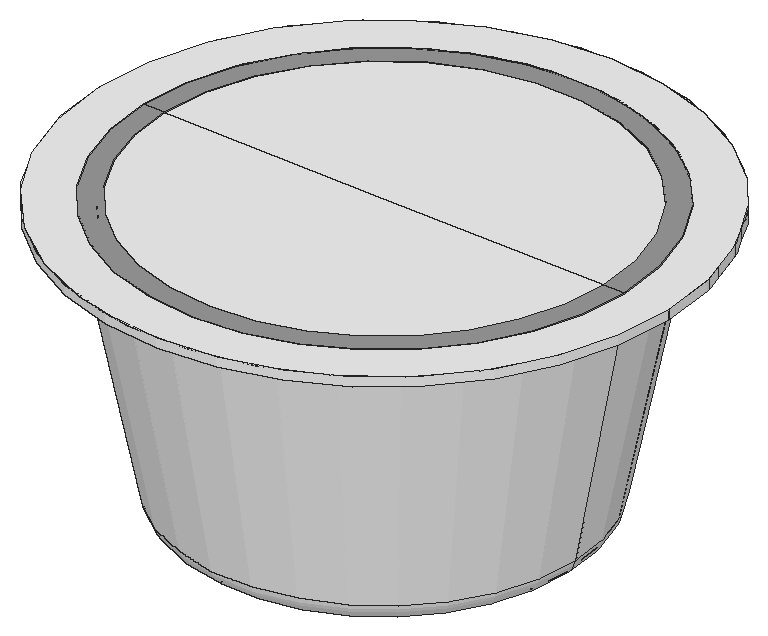
Revit family "2060703", category Lighting Fixtures, host Face, Revit 2018
Family settings
  Host = Face
  Round Connector Dimension = Use Diameter
  Part Type = Normal
  OmniClass Number = 23.80.70.11.17
  OmniClass Title = Specialized Lighting by Location or Use
  Cut with Voids When Loaded = No
  Light Source = Yes
  Shared = No
  Room Calculation Point = No
Parameters (values of type "2060703 ASC100 II ARCH 2550 3K IP65 DALI EMG 160")
  WidthBezelAcc_SYL = 25.0 mm
  Weight = "n/a"
  Wattage = 7 W
  WarrantyStartDate [instance] = "n/a"
  WarrantyGuarantorParts = "n/a"
  WarrantyDurationUnit = "n/a"
  WarrantyDurationParts = ""
  WarrantyDescription = "http://www.sylvania-lighting.com"
  built-in parameter 1150110 = 1 (stored number, unit not read)
  Voltage = 0 V
  VisibilityAccessory_SYL = no
  TypeName = "ASCENT 100 II ARCH 2550 3K IP65 DALI EMG 160"
  built-in parameter 1114217 = 1 (stored number, unit not read)
  Tilt Angle = -90°
  built-in parameter 1150109 = 1 (stored number, unit not read)
  built-in parameter 1150134 = (empty or 0)
  built-in parameter 1150113 = 1 (stored number, unit not read)
  SerialNumber [instance] = "n/a"
  ReflectorRadius_SYL = Radius_SYL - 14.5 mm  # 80.0 mm
  RadiusAcc_SYL = 104.5 mm
  Radius_SYL = 94.5 mm
  URL = "0.95"
  PowerFactor = 0
  PowerConsumption = "Lighting"
  Photometric Web File = "2060703.ies"
  NominalWidth = 0.0 mm
  NominalLength = 209.0 mm
  NominalHeight = 94.0 mm
  Name = "ASCENT 100 II ARCH 2550 3K IP65 DALI EMG 160"
  ModelReference = "ASCENT 100 II ARCH 2550 3K IP65 DALI EMG 160"
  ModelNumber = "2060703"
  Material_4_SYL = none
  Material_3_SYL = Polycarbonate_Sylvania_Ascent_Opal
  Material_2_SYL = Aluminium_Sylvania_Ascent_Silver
  Material_1_SYL = Aluminum_Sylvania_Ascent_White
  Material = "Feilo Sylvania"
  ManufacturerName = "111 lm/W"
  LuminousEfficacy = ""
  built-in parameter 1150105 = 76.872 (stored number, unit not read)
  Lumens = 966 lm
  LuminaireType = "0"
  built-in parameter 1150115 = 1 (stored number, unit not read)
  LightOutputRatio = "LED"
  built-in parameter 1150137 = (empty or 0)
  built-in parameter 1150139 = (empty or 0)
  LampsType = Lamp  # "n/a"
  LampNominalLuminous = "3000 K"
  LampMacAdamStep = "80"
  LampColourTemperature = "LED"
  LampColourRenderingIndex = "16500"
  built-in parameter 1150112 = 1 (stored number, unit not read)
  built-in parameter 1150114 = 1 (stored number, unit not read)
  Keynote = "n/a"
  InstallationDate [instance] = "n/a"
  InputVoltage = "0"
  InputNominalFrequency = "3000"
  built-in parameter 1150132 = (empty or 0)
  built-in parameter 1150102 = (empty or 0)
  built-in parameter 1150107 = 3000 (stored number, unit not read)
  built-in parameter 1150138 = (empty or 0)
  IngressProtection = "IfcLightFixtureType"
  ImpactProtectionIndex = "IfcLightFixtureType"
  built-in parameter 1150106 = 0.76872 (stored number, unit not read)
  IfcExportType = "IfcLightFixtureType"
  IfcExportAs = "Class II"
  HeightAcc_SYL = 7.0 mm
  Height = 96.0 mm
  ExpectedLife = 50000
  EmittionSurface_SYL = if(VisibilityAccessory_SYL, 7.0 mm, 3.0 mm)  # 3.0 mm
  Emit from Circle Diameter = DiffuserRadius_SYL * 2  # 146.0 mm
  Emit Shape Visible in Rendering = no
  ElectricShockClassification = "111"
  built-in parameter 1150104 = 12.821 (stored number, unit not read)
  DurationUnit = "hours"
  DocumentationLiterature = "http://www.sylvania-lighting.com/product/en-int/products/2060703"
  DimmingControlOptions = "n/a"
  Dimming Lamp Color Temperature Shift = <None>
  DiffuserRadius_SYL = ReflectorRadius_SYL - 7.0 mm  # 73.0 mm
  Diameter_SYL = 2 * Radius_SYL  # 189.0 mm
  CutoutDiameter_SYL = Diameter_SYL - 13.0 mm  # 176.0 mm
  CreatedOn = "08/06/2021"
  CreatedBy = "@sylvania-lighting.com"
  Color Filter = 16777215
  built-in parameter 1114216 [instance] = 1 (stored number, unit not read)
  Model = "ASCENT 100 II ARCH 2550 3K IP65 DALI EMG 160"
  Manufacturer = ""
  Lamp = "n/a"
  Description = "Direct LED retro fit for original LED 100 Arch (160) single CFL lamp offering Matching lumen levels and improved light distribution of original LED 100 CFL lamp equivalents Typically half the power consumption compared to CFL Up to 112lm/W 160mm aperture Architectural reflector accepts range of glass accessories from existing LED 100 Arch 160 offering HE, HO and VHO versions equivalent of single 1 x 18W, 1 x 32W, 1 x 42W\r\n Additional VVHO versions which offer the performance circa 2 x 32W equivalent"  # constant formula
  Default Elevation = 0.0 mm
  built-in parameter 1140040 [instance] = 1
  BarCode [instance] = "n/a"
  built-in parameter 1114218 = 1 (stored number, unit not read)
  built-in parameter 1150133 = 10 (stored number, unit not read)
  AssetType = "Fixed"
  AssetIdentifier [instance] = "n/a"
  Assembly Code = "D5020200"
  Apparent Load = 23 VA
  Aperture_SYL = 2 * ReflectorRadius_SYL  # 160.0 mm
Reference planes
  plane 1 "Center (Front/Back)": y = 0
  plane 2: z = 0
  plane 3 "Center (Left/Right)": x = 0
  plane 4 "Fixture Bottom": z = 3
  plane 5: z = -52.5
  plane 6 "Fixture Top": z = -89
  plane 7: x = -104.5
  plane 8: z = 7
  plane 9: x = -79.5
  plane 10: z = 5
  plane 11: x = -102.5
Forms (mm)
  Extrusion 1, solid, material "Aluminum_Sylvania_Ascent_White", detail levels fine
    sketch origin (0, 0, 0) x (1, 0, 0) y (0, 1, 0)
      loop
        circle (0, 0) r 94.5
      loop
        circle (0, 0) r 80
    from 0 to 3
  Extrusion 2, void
    sketch origin (0, 0, 0) x (1, 0, 0) y (0, 1, 0)
      loop
        circle (0, 0) r 88
    from -89 to 3
  Revolve 3, solid, material "Aluminum_Sylvania_Ascent_White" <- "Material_1_SYL", detail levels fine
    sketch origin (0, 0, 0) x (1, 0, 0) y (0, 0, 1)
      loop
        line (0, -89.073) -> (0, -87.023) -> (-55.468, -87.014)
        arc (-55.468, -87.014) -> (-59.352, -85.613) -> (-61.54, -82.139) r 6.307
        line (-61.54, -82.139) -> (-77.991, -2.838) -> (-77.991, 0) -> (-80, 0) -> (-80, -3) -> (-63.5, -82.536)
        arc (-63.5, -82.536) -> (-60.643, -87.203) -> (-55.5, -89.073) r 8.291
        line (-55.5, -89.073) -> (0, -89.073)
      axis (0, 0) -> (0, -89.073)
    angle from 0 to 360
  Revolve 4, solid, material "Aluminium_Sylvania_Ascent_Silver" <- "Material_2_SYL", detail levels fine
    sketch origin (0, 0, 0) x (1, 0, 0) y (0, 0, 1)
      loop
        line (-80, 3) -> (-80, 0) -> (-75, 0)
        arc (-75, 0) -> (-72.349, -26.77) -> (-64.5, -52.5) r 136.5
        line (-64.5, -52.5) -> (-58, -52.5)
        arc (-58, -52.5) -> (-56.857, -61.521) -> (-53.5, -69.971) r 36.166
        line (-53.5, -69.971) -> (0, -69.971) -> (0, -50.5) -> (-63.16, -50.5)
        arc (-63.16, -50.5) -> (-70.517, -25.725) -> (-73, 0) r 134.5
        line (-73, 0) -> (-73, 3) -> (-80, 3)
      axis (0, 3) -> (0, -69.971)
    angle from 0 to 360
  Revolve 5, solid, material "Aluminum_Sylvania_Ascent_White" <- "Material_1_SYL", detail levels medium+fine
    sketch origin (0, 0, 0) x (1, 0, 0) y (0, 0, 1)
      loop
        line (0, -89.073) -> (0, 3) -> (-94.5, 3) -> (-94.5, 0) -> (-79.5, 0) -> (-79.5, -3) -> (-63, -82.536)
        arc (-63, -82.536) -> (-60.143, -87.203) -> (-55, -89.073) r 8.291
        line (-55, -89.073) -> (0, -89.073)
      axis (0, 3) -> (0, -89.073)
    angle from 0 to 360
  Revolve 6, solid, material "Aluminum_Sylvania_Ascent_White" <- "Material_1_SYL", visible <- "VisibilityAccessory_SYL", detail levels medium+fine
    sketch origin (0, 0, 0) x (1, 0, 0) y (0, 0, 1)
      loop
        line (-104.5, 0) -> (-102.5, 0) -> (-102.5, 5) -> (-79.5, 5) -> (-79.5, 7) -> (-104.5, 7) -> (-104.5, 0)
      axis (0, 7) -> (0, 0)
    angle from 0 to 360
  Extrusion 7, solid, detail levels coarse
    sketch origin (0, 0, 0) x (1, 0, 0) y (0, 0, 1)
      loop
        line (104.421, 7) -> (-104.5, 7) -> (-104.5, -89) -> (104.421, -89) -> (104.421, 7)
    from -104.368 to 104.563
Lines and regions (mm)
  reference lines
    curve 1: line (-149.5, 0, 3) -> (125, 0, 3)
Dimensions and locks
  locked: plane 4 "Fixture Bottom" to plane 2 at 3
  "ReflectorRadius_SYL": plane 3 "Center (Left/Right)" to Revolve 4 sketch curve
  locked: Revolve 4 sketch curve to Revolve 4 sketch curve at 15.5
  locked: Revolve 4 sketch curve to Revolve 4 sketch curve at 5
  locked: Revolve 4 sketch curve to Revolve 4 sketch curve at 7
  locked: Revolve 4 sketch curve to Revolve 4 sketch curve at 22
  locked: Revolve 4 sketch curve to Revolve 4 sketch curve at 26.5
  locked: Revolve 3 sketch curve to Revolve 3 sketch curve at 16.5
  locked: Revolve 3 sketch curve to Revolve 3 sketch curve at 24.5
  "ReflectorRadius_SYL": Revolve 3 sketch curve to plane 3 "Center (Left/Right)"
  locked: Revolve 3 sketch curve to plane 6 "Fixture Top" at 6.464
  locked: plane 2 to Revolve 3 sketch curve at 3
  locked: Revolve 3 sketch curve to Revolve 3 sketch curve at 2
  locked: Revolve 3 sketch curve to Revolve 3 sketch curve at 2.009
  locked: plane 2 to plane 5 at 52.5
  locked: Revolve 5 sketch curve to Revolve 5 sketch curve at 31.5
  locked: Revolve 5 sketch curve to Revolve 5 sketch curve at 39.5
  locked: Revolve 5 sketch curve to Revolve 5 sketch curve at 15
  "Radius_SYL": plane 3 "Center (Left/Right)" to Revolve 5 sketch curve
  "RadiusAcc_SYL": plane 3 "Center (Left/Right)" to plane 7
  "HeightAcc_SYL": plane 8 to level
  locked: plane 7 to plane 11 at 2
  locked: plane 8 to plane 10 at 2
  "Height": plane 6 "Fixture Top" to plane 8
  "CutoutDiameter_SYL": diameter of Extrusion 2 sketch curve
  "ReflectorRadius_SYL": radius of Extrusion 1 sketch curve
  "Radius_SYL": radius of Extrusion 1 sketch curve
  aligned and locked: host face to plane 2
  aligned and locked: host face to level
  aligned and locked: plane 4 "Fixture Bottom" to Extrusion 1
  aligned and locked: Extrusion 1 to plane 2
  aligned and locked: Revolve 3 sketch curve to plane 3 "Center (Left/Right)"
  aligned and locked: Revolve 4 sketch curve to plane 3 "Center (Left/Right)"  (x2)
  aligned and locked: plane 4 "Fixture Bottom" to Revolve 4 sketch curve
  aligned and locked: plane 2 to Revolve 3 sketch curve  (x2)
  aligned and locked: Revolve 5 sketch curve to plane 3 "Center (Left/Right)"
  aligned and locked: plane 6 "Fixture Top" to Extrusion 2
  aligned and locked: Revolve 6 sketch curve to plane 3 "Center (Left/Right)"
  aligned and locked: host face to Revolve 6 sketch curve  (x2)
  aligned and locked: Revolve 6 sketch curve to plane 7
  aligned and locked: plane 8 to Revolve 6 sketch curve
  aligned and locked: plane 9 to Revolve 6 sketch curve
  aligned and locked: Revolve 6 sketch curve to plane 10
  aligned and locked: plane 11 to Revolve 6 sketch curve
  aligned and locked: plane 3 "Center (Left/Right)" to imposter light
  aligned and locked: imposter light to plane 1 "Center (Front/Back)"
  aligned and locked: imposter light to curve 1
Automatic sketch dimensions
  plane 1 "Center (Front/Back)" to Extrusion 2 sketch curve = 0.0 mm
  Extrusion 2 sketch curve to plane 3 "Center (Left/Right)" = 0.0 mm
  Extrusion 1 sketch curve to Extrusion 1 sketch curve = 0.0 mm  (x2)
  plane 1 "Center (Front/Back)" to Extrusion 1 sketch curve = 0.0 mm
  Extrusion 1 sketch curve to plane 3 "Center (Left/Right)" = 0.0 mm
  plane 6 "Fixture Top" to Revolve 3 sketch curve = 0.073 mm
  Revolve 3 sketch curve to plane 6 "Fixture Top" = 6.861 mm
  Revolve 3 sketch curve to Revolve 3 sketch curve = 0.003 mm
  Revolve 3 sketch curve to Revolve 3 sketch curve = 0.009 mm  (x2)
  Revolve 3 sketch curve to Revolve 3 sketch curve = 0.023 mm
  Revolve 3 sketch curve to Revolve 3 sketch curve = 0.072 mm
  Revolve 3 sketch curve to Revolve 3 sketch curve = 0.008 mm
  Revolve 3 sketch curve to plane 6 "Fixture Top" = 1.977 mm
  Revolve 3 sketch curve to Revolve 3 sketch curve = 33.496 mm
  Revolve 3 sketch curve to Revolve 3 sketch curve = 0.028 mm
  plane 4 "Fixture Bottom" to Revolve 3 sketch curve = 82.431 mm
  Revolve 4 sketch curve to Revolve 4 sketch curve = 0.0 mm  (x2)
  Revolve 4 sketch curve to plane 5 = 0.0 mm
  Revolve 4 sketch curve to level = 0.0 mm
  plane 5 to Revolve 4 sketch curve = 2.0 mm
  plane 4 "Fixture Bottom" to Revolve 4 sketch curve = 9.642 mm
  Revolve 4 sketch curve to level = 69.971 mm
  Revolve 4 sketch curve to Revolve 4 sketch curve = 2.387 mm
  Revolve 5 sketch curve to level = 0.0 mm
  Revolve 5 sketch curve to plane 3 "Center (Left/Right)" = 0.0 mm
  Revolve 5 sketch curve to Revolve 5 sketch curve = 8.104 mm
  Revolve 5 sketch curve to level = 3.0 mm
  Revolve 5 sketch curve to plane 6 "Fixture Top" = 6.464 mm
  plane 6 "Fixture Top" to Revolve 5 sketch curve = 0.073 mm
  Revolve 5 sketch curve to Revolve 5 sketch curve = 33.496 mm
  plane 4 "Fixture Bottom" to Revolve 5 sketch curve = 82.431 mm
  host sketch curve to host sketch curve = 1704.996 mm
  host sketch curve to host sketch curve = 1500.0 mm
  plane 6 "Fixture Top" to Revolve 6 sketch curve = 281.274 mm
  Revolve 6 sketch curve to plane 8 = 1140.706 mm
  Revolve 3 sketch curve to plane 3 "Center (Left/Right)" = 0.0 mm
  Revolve 5 sketch curve to plane 4 "Fixture Bottom" = 0.0 mm
  plane 7 to curve 1 = 45.0 mm
  plane 3 "Center (Left/Right)" to curve 1 = 125.0 mm
  curve 1 to plane 4 "Fixture Bottom" = 0.0 mm
  plane 7 to Extrusion 7 sketch curve = 0.0 mm
  Extrusion 7 sketch curve to plane 6 "Fixture Top" = 0.0 mm
  Extrusion 7 sketch curve to plane 8 = 0.0 mm
  plane 3 "Center (Left/Right)" to Extrusion 7 sketch curve = 104.421 mm
Connectors
  electrical at (0, 0, -89.073), driven by "Apparent Load"
    settings: on Revolve 3, index 1, voltage 240 V, apparent load 0 VA, apparent load phase1 23 VA, apparent load phase2 0 VA, apparent load phase3 0 VA, power factor 1, load classification "Lighting", number of poles 1, system type 31, power factor state 1, is connector primary yes, connector utility no, sub classification motor no, connector description ""
